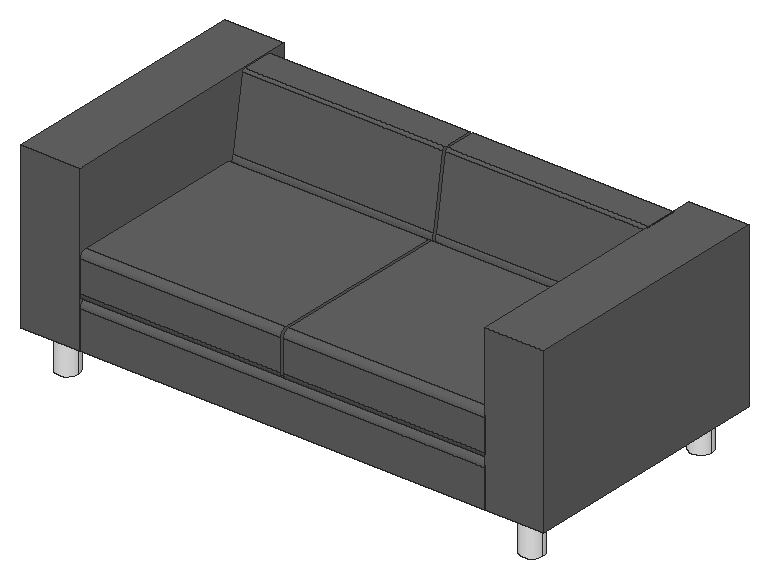
Revit family
Parameters (values of type "Black Leather")
  Seat Material = Textile - Leather - Black
  Leg Material = Metal - Aluminium
  Frame Material = Textile - Leather - Black
  Assembly Code = "E2020200"
Reference planes (in)
  plane 1 "Center (Front/Back)": y = 5.7541
  plane 2: z = 0
  plane 3 "Center (Left/Right)": x = 2.77049
  plane 4: y = 18.7541
  plane 5: x = 38.20799
  plane 6: x = -32.66701
  plane 7: z = 32
  plane 8: x = -24.66701
  plane 9: x = 30.20799
  plane 10: y = 10.7541
  plane 11: y = -15.8709
  plane 12: z = 27.125
  plane 13: z = 5
  plane 14: x = -28.66701
  plane 15: x = 34.20799
  plane 16: y = -12.8709
  plane 17: y = 15.7541
  plane 18: z = 38
  plane 19: z = 38
Forms (in)
  Extrusion 1, solid, material "Textile - Leather - Black" <- "Frame Material"
    sketch origin (0, 0, 0) x (1, 0, 0) y (0, 1, 0)
      loop
        line (-24.66701, 18.7541) -> (-32.66701, 18.7541) -> (-32.66701, -15.8709) -> (-24.66701, -15.8709) -> (-24.66701, 18.7541)
      loop
        line (30.20799, 18.7541) -> (30.20799, -15.8709) -> (38.20799, -15.8709) -> (38.20799, 18.7541) -> (30.20799, 18.7541)
    from 5.03805 to 27.125
  Extrusion 2, solid, material "Textile - Leather - Black" <- "Seat Material"
    sketch origin (38.20799, 2, 0) x (0, -1, 0) y (0, 0, 1)
      loop
        line (16.95008, 11.03805) -> (-11.44793, 11.03805) -> (-12.99215, 20.18939)
        arc (-12.99215, 20.18939) -> (-13.13455, 20.43921) -> (-13.40458, 20.53805) r 0.41826
        line (-13.40458, 20.53805) -> (-16.7541, 20.53805) -> (-16.7541, 5.03805) -> (17.8709, 5.03805) -> (17.8709, 10.11723)
        arc (17.8709, 10.11723) -> (17.6012, 10.76835) -> (16.95008, 11.03805) r 0.92082
    from 8 to 62.875
  Extrusion 3, solid, material "Metal - Aluminium" <- "Leg Material"
    sketch origin (0, 0, 0) x (1, 0, 0) y (0, 1, 0)
      loop
        circle (-28.66701, 15.7541) r 1.5
    from 0 to 5
  Extrusion 4, solid, material "Metal - Aluminium" <- "Leg Material"
    sketch origin (62.875, 0, 0) x (1, 0, 0) y (0, 1, 0)
      loop
        circle (-28.66701, 15.7541) r 1.5
    from 0 to 5
  Extrusion 5, solid, material "Metal - Aluminium" <- "Leg Material"
    sketch origin (62.875, -28.625, 0) x (1, 0, 0) y (0, 1, 0)
      loop
        circle (-28.66701, 15.7541) r 1.5
    from 0 to 5
  Extrusion 6, solid, material "Metal - Aluminium" <- "Leg Material"
    sketch origin (0, -28.625, 0) x (1, 0, 0) y (0, 1, 0)
      loop
        circle (-28.66701, 15.7541) r 1.5
    from 0 to 5
  Extrusion 7, solid, material "Textile - Leather - Black" <- "Seat Material"
    sketch origin (38.20799, -3.30617, 6) x (0, -1, 0) y (0, 0, 1)
      loop
        line (11.64391, 11.03805) -> (-12.47156, 11.03805)
        arc (-12.47156, 11.03805) -> (-12.88268, 10.75048) -> (-13.17026, 10.33935) r 1.44068
        arc (-13.17026, 10.33935) -> (-13.14994, 10.93838) -> (-13.3657, 11.49757) r 1.50056
        line (-13.3657, 11.49757) -> (-14.93143, 20.77633)
        arc (-14.93143, 20.77633) -> (-15.07383, 21.02615) -> (-15.34386, 21.125) r 0.41826
        line (-15.34386, 21.125) -> (-19.46866, 21.125) -> (-16.7541, 5.03805) -> (11.64391, 5.03805)
        arc (11.64391, 5.03805) -> (12.29503, 5.30776) -> (12.56473, 5.95888) r 0.92082
        line (12.56473, 5.95888) -> (12.56473, 10.11723)
        arc (12.56473, 10.11723) -> (12.29503, 10.76835) -> (11.64391, 11.03805) r 0.92082
    from 35.62544 to 62.875
  Extrusion 8, solid, material "Textile - Leather - Black" <- "Seat Material"
    sketch origin (-32.66701, -3.30617, 6) x (0, -1, 0) y (0, 0, -1)
      loop
        arc (11.64391, -11.03805) -> (12.29503, -10.76835) -> (12.56473, -10.11723) r 0.92082
        line (12.56473, -10.11723) -> (12.56473, -5.95888)
        arc (12.56473, -5.95888) -> (12.29503, -5.30776) -> (11.64391, -5.03805) r 0.92082
        line (11.64391, -5.03805) -> (-16.7541, -5.03805) -> (-19.46866, -21.125) -> (-15.34386, -21.125)
        arc (-15.34386, -21.125) -> (-15.07383, -21.02615) -> (-14.93143, -20.77633) r 0.41826
        line (-14.93143, -20.77633) -> (-13.3657, -11.49757)
        arc (-13.3657, -11.49757) -> (-13.14994, -10.93838) -> (-13.17026, -10.33935) r 1.50056
        arc (-13.17026, -10.33935) -> (-12.88268, -10.75048) -> (-12.47156, -11.03805) r 1.44068
        line (-12.47156, -11.03805) -> (11.64391, -11.03805)
    from 35.62544 to 62.875
Lines and regions (in)
  symbolic lines
    curve 1: line (-32.66701, 18.7541, 0) -> (-24.66701, 18.7541, 0)
    curve 2: line (-32.66701, -15.8709, 0) -> (-32.66701, 18.7541, 0)
    curve 3: line (-24.66701, -15.8709, 0) -> (-32.66701, -15.8709, 0)
    curve 4: line (-24.66701, 18.7541, 0) -> (-24.66701, -15.8709, 0)
    curve 5: line (30.20799, 18.7541, 0) -> (38.20799, 18.7541, 0)
    curve 6: line (30.20799, -15.8709, 0) -> (30.20799, 18.7541, 0)
    curve 7: line (38.20799, -15.8709, 0) -> (30.20799, -15.8709, 0)
    curve 8: line (38.20799, 18.7541, 0) -> (38.20799, -15.8709, 0)
    curve 9: line (-24.66701, 18.7541, 0) -> (30.20799, 18.7541, 0)
    curve 10: line (-24.66701, 14.99215, 0) -> (-24.66701, 18.7541, 0)
    curve 11: line (30.20799, 14.99215, 0) -> (-24.66701, 14.99215, 0)
    curve 12: line (30.20799, 18.7541, 0) -> (30.20799, 14.99215, 0)
    curve 13: line (-24.66701, -15.8709, 0) -> (30.20799, -15.8709, 0)
Dimensions and locks (in)
  plane 6 to plane 3 "Center (Left/Right)" to plane 5 = 2' - 11 7/16", 2' - 11 7/16"
  plane 9 to plane 5 = 0' - 8"
  plane 6 to plane 8 = 0' - 8"
  plane 6 to plane 5 = 5' - 10 7/8"
  plane 13 to Extrusion 1 = 0' - 0.03805"
  aligned and locked: plane 6 to Extrusion 1
  aligned and locked: Extrusion 1 to plane 8
  aligned and locked: plane 9 to Extrusion 1
  aligned and locked: Extrusion 2 to Extrusion 1  (x2)
  aligned and locked: curve 1 to Extrusion 1
  aligned and locked: curve 4 to Extrusion 2
  aligned and locked: curve 4 to Extrusion 1
  aligned and locked: curve 5 to Extrusion 1
  aligned and locked: Extrusion 1 to curve 8
  aligned and locked: curve 8 to Extrusion 1
  aligned and locked: curve 1 to curve 9
  aligned and locked: curve 12 to Extrusion 2
  aligned and locked: curve 13 to curve 3
  aligned and locked: plane 12 to Extrusion 7 sketch curve
